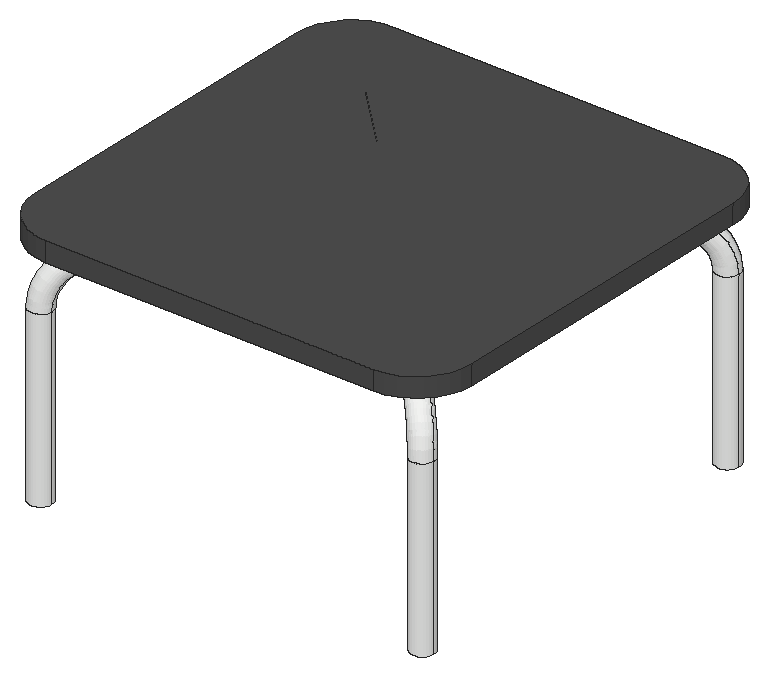
Revit family "Table-Teknion-CQTSS_Routes_Square_Side_Table-R2018", category Furniture, Revit 2018
Family settings
  OmniClass Number = 23.40.20.00
  OmniClass Title = General Furniture and Specialties
  Work Plane-Based = No
  Always vertical = Yes
  Cut with Voids When Loaded = No
  Shared = Yes
  Room Calculation Point = No
Parameters (values of type "24" d x 24" w")
  Warranty = "http://www.teknion.com/ca/papers/legal-canada"
  Unit Weight URL = "http://www.teknion.com/ca/tools/assets#&asset=bee6a381-b954-425e-8283-5a2de3a804f2,f828d448-4b62-4231-9e5f-9a8991c0ed77"
  URL = "www.teknion.com"
  To render please download texture images found here [instance] = "https://assets.teknion.com/web/5e81352c1dfdb467/revit-material-swatches/"
  Sustainability Data = "https://www.teknion.com/ca/tools/assets#&topic=216f99a5-57a0-44fc-b10a-9dee9b29ae4c&asset=444deb64-fe58-4b68-981e-f75e97781df7,b4ff2d81-9f2e-437d-9659-7cffb09c31cf"
  Surface Finish [instance] = Foundation Laminate-Teknion-6K-Matte-Black
  Series = "Routes"  # constant formula
  Product Page URL = "https://www.teknion.com/ca/products/all-products"
  Product Line = "Routes"  # constant formula
  Product Documentation Link = "https://assets.teknion.com/m/72af4764f50e983c/original/Routes-Reference-Guide.pdf"
  Part Number = "CQTSS"  # constant formula
  Model = "CQTSS2424"
  Manufacturer Phone = "416-661-3370"  # constant formula
  Manufacturer Fax = "416.661.4586"  # constant formula
  Manufacturer Contact Information = "http://www.teknion.com/ca/contactus"
  Manufacturer Address = "1150 Flint Road, Toronto, ON. M3J 2J5. Canada"  # constant formula
  Manufacturer = "Teknion"  # constant formula
  How To Use Teknion Materials User Guide [instance] = "https://assets.teknion.com/m/205dd0a49fa58060/original/How-to-add-a-Material-Library-and-Texture-Images-to-your-Revit-project.pdf"
  Frame Finish [instance] = Paint - Teknion - Mica - Very White
  For Additional Finishes please visit [instance] = "https://assets.teknion.com/m/44a8009b046e5d47/original/Teknion_Materials_Library.zip"
  Description = "Routes, Square Side Table, 24\" Depth, 24\" Width"
  Assembly Code = "E2020200"
Reference planes (in)
  plane 1 "Center Front/Back": y = 0.04398
  plane 2: z = 0
  plane 3 "Center Left/Right": x = 0.17362
  plane 4 "Left": x = -11.82638
  plane 5 "Right": x = 12.17362
  plane 6 "Back": y = 12.04398
  plane 7 "Front": y = -11.95602
  plane 8 "Top": z = 13.935
Forms (in)
  Sweep 1, solid, material "Foundation Laminate-Teknion-6K-Matte-Black" <- "Surface Finish"
    path origin (0, 0, 0) x (1, 0, 0) y (0, 0, 1)
      loop
        line (0, 12.875) -> (0, 13.935)
    profile origin (0, 0, 13.405) x (-1, 0, 0) y (0, -1, 0)
      loop
        arc (8.82638, -12.04398) -> (10.9477, -11.1653) -> (11.82638, -9.04398) r 3
        line (11.82638, -9.04398) -> (11.82638, 8.95602)
        arc (11.82638, 8.95602) -> (10.9477, 11.07734) -> (8.82638, 11.95602) r 3
        line (8.82638, 11.95602) -> (-9.17362, 11.95602)
        arc (-9.17362, 11.95602) -> (-11.29494, 11.07734) -> (-12.17362, 8.95602) r 3
        line (-12.17362, 8.95602) -> (-12.17362, -9.04398)
        arc (-12.17362, -9.04398) -> (-11.29494, -11.1653) -> (-9.17362, -12.04398) r 3
        line (-9.17362, -12.04398) -> (8.82638, -12.04398)
  Sweep 2, solid, material "Paint - Teknion - Mica - Very White" <- "Frame Finish"
    path in 3D
      loop
        arc (-8.56093, -8.69057, 12.56) -> (-10.09093, -10.22057, 11.66375) -> (-10.72467, -10.85432, 9.5) r 3.06
        line (-10.72467, -10.85432, 9.5) -> (-10.72467, -10.85432, 0)
    profile origin (-10.72467, -10.85432, 4.75) x (0.534059, 0.845447, 0) y (-0.845447, 0.534059, 0)
      loop
        circle (0.54367, -0.12367) r 0.63078
  Sweep 3, solid, material "Paint - Teknion - Mica - Very White" <- "Frame Finish"
    path in 3D
      loop
        line (-8.56093, -8.69057, 11.375) -> (-1.59414, -1.72379, 11.375)
    profile origin (-5.07753, -5.20718, 11.375) x (0.699621, -0.699621, 0.145127) y (0.10262, -0.10262, -0.989413)
      loop
        circle (0.09198, -0.62066) r 0.63078
  Sweep 4, solid, material "Paint - Teknion - Mica - Very White" <- "Frame Finish"
    path in 3D
      loop
        arc (-1.1522, -2.16573, 12) -> (-0.23691, 0.04398, 12) -> (-1.1522, 2.25368, 12) r 3.125
        line (-1.1522, 2.25368, 12) -> (-2.21286, 3.31434, 12)
    profile origin (-1.68253, 2.78401, 12) x (0, 0, 1) y (0.707107, 0.707107, 0)
      loop
        circle (0, -0.62762) r 0.62481
  Sweep 5, solid, material "Paint - Teknion - Mica - Very White" <- "Frame Finish"
    path in 3D
      loop
        line (-8.56093, 8.77852, 11.375) -> (-2.65517, 2.87277, 11.375)
    profile origin (-5.60805, 5.82565, 11.375) x (-0.686606, -0.686606, -0.239047) y (0.169032, 0.169032, -0.971008)
      loop
        circle (-0.14686, -0.60751) r 0.62481
  Sweep 6, solid, material "Paint - Teknion - Mica - Very White" <- "Frame Finish"
    path in 3D
      loop
        arc (-8.95632, 8.38313, 11.98049) -> (-10.19656, 9.62338, 11.25397) -> (-10.71029, 10.13711, 9.5) r 2.48049
        line (-10.71029, 10.13711, 9.5) -> (-10.71029, 10.13711, 0)
    profile origin (-10.71029, 10.13711, 4.75) x (0.987279, 0.158997, 0) y (-0.158997, 0.987279, 0)
      loop
        circle (0.44057, 0.34234) r 0.63078
  Sweep 7, solid, material "Paint - Teknion - Mica - Very White" <- "Frame Finish"
    path in 3D
      loop
        arc (8.90201, -8.69057, 12.56) -> (10.43201, -10.22057, 11.66375) -> (11.06576, -10.85432, 9.5) r 3.06
        line (11.06576, -10.85432, 9.5) -> (11.06576, -10.85432, 0)
    profile origin (11.06576, -10.85432, 4.75) x (-0.534059, 0.845447, 0) y (-0.845447, -0.534059, 0)
      loop
        circle (0.54367, 0.12367) r 0.63078
  Sweep 8, solid, material "Paint - Teknion - Mica - Very White" <- "Frame Finish"
    path in 3D
      loop
        line (8.90201, -8.69057, 11.375) -> (1.93523, -1.72379, 11.375)
    profile origin (5.41862, -5.20718, 11.375) x (0.699621, 0.699621, -0.145127) y (-0.10262, -0.10262, -0.989413)
      loop
        circle (-0.09198, -0.62066) r 0.63078
  Sweep 9, solid, material "Paint - Teknion - Mica - Very White" <- "Frame Finish"
    path in 3D
      loop
        arc (1.49329, -2.16573, 12) -> (0.578, 0.04398, 12) -> (1.49329, 2.25368, 12) r 3.125
        line (1.49329, 2.25368, 12) -> (2.55395, 3.31434, 12)
    profile origin (2.02362, 2.78401, 12) x (0, 0, -1) y (-0.707107, 0.707107, 0)
      loop
        circle (0, -0.62762) r 0.62481
  Sweep 10, solid, material "Paint - Teknion - Mica - Very White" <- "Frame Finish"
    path in 3D
      loop
        line (8.90201, 8.77852, 11.375) -> (2.99626, 2.87277, 11.375)
    profile origin (5.94914, 5.82565, 11.375) x (-0.686606, 0.686606, 0.239047) y (-0.169032, 0.169032, -0.971008)
      loop
        circle (0.14686, -0.60751) r 0.62481
  Sweep 11, solid, material "Paint - Teknion - Mica - Very White" <- "Frame Finish"
    path in 3D
      loop
        arc (9.29741, 8.38313, 11.98049) -> (10.53765, 9.62338, 11.25397) -> (11.05138, 10.13711, 9.5) r 2.48049
        line (11.05138, 10.13711, 9.5) -> (11.05138, 10.13711, 0)
    profile origin (11.05138, 10.13711, 4.75) x (-0.987279, 0.158997, 0) y (-0.158997, -0.987279, 0)
      loop
        circle (0.44057, -0.34234) r 0.63078
  Sweep 12, solid, material "Paint - Teknion - Mica - Very White" <- "Frame Finish"
    path origin (0, 0, 0) x (1, 0, 0) y (0, 0, 1)
      loop
        line (0, 12.875) -> (0, 12.4702)
    profile origin (0, 0, 12.6726) x (0, -1, 0) y (1, 0, 0)
      loop
        line (-5.76236, -6.25187) -> (-6.46947, -5.54476) -> (-8.25915, -7.33445) -> (-7.55205, -8.04156) -> (-5.76236, -6.25187)
      loop
        line (-3.10364, -3.59315) -> (-1.93267, -2.42218) -> (-2.63978, -1.71507) -> (-3.81075, -2.88604) -> (-3.10364, -3.59315)
      loop
        line (2.55183, -1.71507) -> (1.84472, -2.42218) -> (3.01569, -3.59315) -> (3.72279, -2.88604) -> (2.55183, -1.71507)
      loop
        line (7.4641, -8.04156) -> (8.1712, -7.33445) -> (6.38152, -5.54476) -> (5.67441, -6.25187) -> (7.4641, -8.04156)
      loop
        line (-5.76236, 6.59911) -> (-7.55205, 8.3888) -> (-8.25915, 7.68169) -> (-6.46947, 5.89201) -> (-5.76236, 6.59911)
      loop
        line (-3.10364, 3.94039) -> (-3.81075, 3.23329) -> (-2.63978, 2.06232) -> (-1.93267, 2.76942) -> (-3.10364, 3.94039)
      loop
        line (2.55183, 2.06232) -> (3.72279, 3.23329) -> (3.01569, 3.94039) -> (1.84472, 2.76942) -> (2.55183, 2.06232)
      loop
        line (7.4641, 8.3888) -> (5.67441, 6.59911) -> (6.38152, 5.89201) -> (8.1712, 7.68169) -> (7.4641, 8.3888)
Lines and regions (in)
  Masking region 1
    outline origin (0, 0, 0) x (1, 0, 0) y (0, 1, 0)
      loop
        line (-11.82638, 9.04398) -> (-11.82638, -8.95602)
        arc (-11.82638, -8.95602) -> (-10.9477, -11.07734) -> (-8.82638, -11.95602) r 3
        line (-8.82638, -11.95602) -> (9.17362, -11.95602)
        arc (9.17362, -11.95602) -> (11.29494, -11.07734) -> (12.17362, -8.95602) r 3
        line (12.17362, -8.95602) -> (12.17362, 9.04398)
        arc (12.17362, 9.04398) -> (11.29494, 11.1653) -> (9.17362, 12.04398) r 3
        line (9.17362, 12.04398) -> (-8.82638, 12.04398)
        arc (-8.82638, 12.04398) -> (-10.9477, 11.1653) -> (-11.82638, 9.04398) r 3
  sketch lines
    curve 1: line (-10.72467, -10.85432, 9.5) -> (-10.72467, -10.85432, 0)
    curve 2: arc (-8.56093, -8.69057, 12.56) -> (-10.09093, -10.22057, 11.66375) -> (-10.72467, -10.85432, 9.5) r 3.06
    curve 3: line (-8.56093, -8.69057, 11.375) -> (-1.59414, -1.72379, 11.375)
    curve 4: line (-1.1522, 2.25368, 12) -> (-2.21286, 3.31434, 12)
    curve 5: arc (-1.1522, 2.25368, 12) -> (-0.23691, 0.04398, 12) -> (-1.1522, -2.16573, 12) r 3.125
    curve 6: line (-8.56093, 8.77852, 11.375) -> (-2.65517, 2.87277, 11.375)
    curve 7: line (-10.71029, 10.13711, 9.5) -> (-10.71029, 10.13711, 0)
    curve 8: arc (-8.95632, 8.38313, 11.98049) -> (-10.19656, 9.62338, 11.25397) -> (-10.71029, 10.13711, 9.5) r 2.48049
    curve 9: line (11.06576, -10.85432, 9.5) -> (11.06576, -10.85432, 0)
    curve 10: arc (8.90201, -8.69057, 12.56) -> (10.43201, -10.22057, 11.66375) -> (11.06576, -10.85432, 9.5) r 3.06
    curve 11: line (8.90201, -8.69057, 11.375) -> (1.93523, -1.72379, 11.375)
    curve 12: line (1.49329, 2.25368, 12) -> (2.55395, 3.31434, 12)
    curve 13: arc (1.49329, 2.25368, 12) -> (0.578, 0.04398, 12) -> (1.49329, -2.16573, 12) r 3.125
    curve 14: line (8.90201, 8.77852, 11.375) -> (2.99626, 2.87277, 11.375)
    curve 15: line (11.05138, 10.13711, 9.5) -> (11.05138, 10.13711, 0)
    curve 16: arc (9.29741, 8.38313, 11.98049) -> (10.53765, 9.62338, 11.25397) -> (11.05138, 10.13711, 9.5) r 2.48049
  symbolic lines, style "FurnitureHiddenLines", detail levels medium+fine
    curve 17: line (-9.86924, 10.98822, 0) -> (-1.20132, 2.3203, 0)
    curve 18: line (-10.76698, 10.09048, 0) -> (-2.10492, 1.42842, 0)
    curve 19: arc (-10.76698, 10.09048, 0) -> (-10.76698, 10.98822, 0) -> (-9.86924, 10.98822, 0) r 0.6348
    curve 20: arc (-1.20132, 2.3203, 0) -> (-0.26023, 0.07305, 0) -> (-1.16626, -2.18855, 0) r 3.21342
    curve 21: arc (-2.10492, 1.42842, 0) -> (-1.52996, 0.08756, 0) -> (-2.0378, -1.28013, 0) r 1.96511
    curve 22: line (-2.0378, -1.28013, 0) -> (-10.73504, -9.97738, 0)
    curve 23: line (-9.84506, -10.86735, 0) -> (-1.16626, -2.18855, 0)
    curve 24: arc (-10.73504, -9.97738, 0) -> (-10.77475, -10.90706, 0) -> (-9.84506, -10.86735, 0) r 0.63161
    curve 25: line (10.23237, 10.98822, 0) -> (1.56445, 2.3203, 0)
    curve 26: line (11.13011, 10.09048, 0) -> (2.46805, 1.42842, 0)
    curve 27: arc (11.13011, 10.09048, 0) -> (11.13011, 10.98822, 0) -> (10.23237, 10.98822, 0) r 0.6348
    curve 28: arc (1.56445, 2.3203, 0) -> (0.62336, 0.07305, 0) -> (1.52939, -2.18855, 0) r 3.21342
    curve 29: arc (2.46805, 1.42842, 0) -> (1.89309, 0.08756, 0) -> (2.40093, -1.28013, 0) r 1.96511
    curve 30: line (2.40093, -1.28013, 0) -> (11.09817, -9.97738, 0)
    curve 31: line (10.2082, -10.86735, 0) -> (1.52939, -2.18855, 0)
    curve 32: arc (11.09817, -9.97738, 0) -> (11.13788, -10.90706, 0) -> (10.2082, -10.86735, 0) r 0.63161
  symbolic lines, style "FurnitureHiddenLines", detail levels fine
    curve 33: line (-7.33445, 8.25915, 0) -> (-8.04156, 7.55205, 0)
    curve 34: line (-5.54476, 6.46947, 0) -> (-7.33445, 8.25915, 0)
    curve 35: line (-8.04156, 7.55205, 0) -> (-6.25187, 5.76236, 0)
    curve 36: line (-6.25187, 5.76236, 0) -> (-5.54476, 6.46947, 0)
    curve 37: line (-2.88604, 3.81075, 0) -> (-3.59315, 3.10364, 0)
    curve 38: line (-2.42218, 1.93267, 0) -> (-1.71507, 2.63978, 0)
    curve 39: line (-3.59315, 3.10364, 0) -> (-2.42218, 1.93267, 0)
    curve 40: line (-1.71507, 2.63978, 0) -> (-2.88604, 3.81075, 0)
    curve 41: line (-3.59315, -3.01569, 0) -> (-2.88604, -3.72279, 0)
    curve 42: line (-1.71507, -2.55183, 0) -> (-2.42218, -1.84472, 0)
    curve 43: line (-2.88604, -3.72279, 0) -> (-1.71507, -2.55183, 0)
    curve 44: line (-6.25187, -5.67441, 0) -> (-8.04156, -7.4641, 0)
    curve 45: line (-5.54476, -6.38152, 0) -> (-6.25187, -5.67441, 0)
    curve 46: line (-7.33445, -8.1712, 0) -> (-5.54476, -6.38152, 0)
    curve 47: line (-8.04156, -7.4641, 0) -> (-7.33445, -8.1712, 0)
    curve 48: line (6.59911, -5.67441, 0) -> (5.89201, -6.38152, 0)
    curve 49: line (8.3888, -7.4641, 0) -> (6.59911, -5.67441, 0)
    curve 50: line (5.89201, -6.38152, 0) -> (7.68169, -8.1712, 0)
    curve 51: line (7.68169, -8.1712, 0) -> (8.3888, -7.4641, 0)
    curve 52: line (2.76942, -1.84472, 0) -> (2.06232, -2.55183, 0)
    curve 53: line (2.06232, -2.55183, 0) -> (3.23329, -3.72279, 0)
    curve 54: line (3.23329, -3.72279, 0) -> (3.94039, -3.01569, 0)
    curve 55: line (3.94039, -3.01569, 0) -> (2.76942, -1.84472, 0)
    curve 56: line (3.94039, 3.10364, 0) -> (3.23329, 3.81075, 0)
    curve 57: line (3.23329, 3.81075, 0) -> (2.06232, 2.63978, 0)
    curve 58: line (2.06232, 2.63978, 0) -> (2.76942, 1.93267, 0)
    curve 59: line (2.76942, 1.93267, 0) -> (3.94039, 3.10364, 0)
    curve 60: line (8.3888, 7.55205, 0) -> (7.68169, 8.25915, 0)
    curve 61: line (7.68169, 8.25915, 0) -> (5.89201, 6.46947, 0)
    curve 62: line (6.59911, 5.76236, 0) -> (8.3888, 7.55205, 0)
    curve 63: line (5.89201, 6.46947, 0) -> (6.59911, 5.76236, 0)
    curve 64: line (-2.42218, -1.84472, 0) -> (-3.59315, -3.01569, 0)
    curve 65: arc (-9.69898, 10.54514, 0) -> (-10.32976, 9.91436, 0) -> (-10.96053, 10.54514, 0) r 0.63078
    curve 66: arc (-10.96053, 10.54514, 0) -> (-10.32976, 11.17591, 0) -> (-9.69898, 10.54514, 0) r 0.63078
    curve 67: arc (10.04623, 10.54514, 0) -> (10.677, 9.91436, 0) -> (11.30778, 10.54514, 0) r 0.63078
    curve 68: arc (11.30778, 10.54514, 0) -> (10.677, 11.17591, 0) -> (10.04623, 10.54514, 0) r 0.63078
    curve 69: arc (10.04623, -10.45719, 0) -> (10.677, -9.82641, 0) -> (11.30778, -10.45719, 0) r 0.63078
    curve 70: arc (11.30778, -10.45719, 0) -> (10.677, -11.08796, 0) -> (10.04623, -10.45719, 0) r 0.63078
    curve 71: arc (-9.69898, -10.45719, 0) -> (-10.32976, -9.82641, 0) -> (-10.96053, -10.45719, 0) r 0.63078
    curve 72: arc (-10.96053, -10.45719, 0) -> (-10.32976, -11.08796, 0) -> (-9.69898, -10.45719, 0) r 0.63078
Dimensions and locks (in)
  plane 4 "Left" to plane 5 "Right" = 24.000"
  plane 6 "Back" to plane 7 "Front" = 24.000"
  locked: plane 8 "Top" to level at 13.935
  equal spacing: plane 7 "Front", plane 1 "Center Front/Back", plane 6 "Back"
  equal spacing: plane 4 "Left", plane 3 "Center Left/Right", plane 5 "Right"
  aligned and locked: level to plane 2
Automatic sketch dimensions
  Sweep 1 sketch curve to plane 8 "Top" = 0.000"
  Sweep 1 sketch curve to plane 3 "Center Left/Right" = 0.17362"
  Sweep 1 sketch curve to Sweep 1 sketch curve = 1.060"
  profile plane to Sweep 1 sketch curve = 12.17362"
  Sweep 1 sketch curve to Sweep 1 sketch curve = 3.000"  (x3)
  Sweep 1 sketch curve to profile plane = 8.82638"  (x2)
  Sweep 1 sketch curve to profile plane = 12.04398"
  profile plane to Sweep 1 sketch curve = 8.95602"
  profile plane to Sweep 2 sketch curve = 0.12367"
  profile plane to Sweep 2 sketch curve = 0.54367"
  Sweep 3 sketch curve to Sweep 3 sketch curve = 0.000"  (x2)
  Sweep 3 sketch curve to profile plane = 0.09198"
  Sweep 3 sketch curve to profile plane = 0.62066"
  profile plane to Sweep 3 sketch curve = 0.2846"
  Sweep 3 sketch curve to profile plane = 0.11463"
  Sweep 3 sketch curve to profile plane = 0.46855"
  Sweep 4 sketch curve to profile plane = 0.000"
  Sweep 4 sketch curve to profile plane = 0.62762"
  Sweep 5 sketch curve to Sweep 5 sketch curve = 0.000"  (x2)
  profile plane to Sweep 5 sketch curve = 0.14686"
  Sweep 5 sketch curve to profile plane = 0.60751"
  profile plane to Sweep 5 sketch curve = 0.29622"
  Sweep 5 sketch curve to profile plane = 0.00081"
  Sweep 5 sketch curve to profile plane = 0.0025"
  Sweep 6 sketch curve to Sweep 6 sketch curve = 0.000"  (x2)
  profile plane to Sweep 6 sketch curve = 0.44057"
  Sweep 6 sketch curve to profile plane = 0.34234"
  Sweep 6 sketch curve to profile plane = 0.18219"
  Sweep 6 sketch curve to profile plane = 0.24204"
  Sweep 6 sketch curve to Sweep 6 sketch curve = 0.62275"
  Sweep 7 sketch curve to profile plane = 0.12367"
  profile plane to Sweep 7 sketch curve = 0.54367"
  Sweep 8 sketch curve to Sweep 8 sketch curve = 0.000"  (x2)
  profile plane to Sweep 8 sketch curve = 0.09198"
  Sweep 8 sketch curve to profile plane = 0.62066"
  Sweep 8 sketch curve to profile plane = 0.11463"
  profile plane to Sweep 8 sketch curve = 0.46855"
  Sweep 8 sketch curve to profile plane = 0.2846"
  profile plane to Sweep 9 sketch curve = 0.000"
  Sweep 9 sketch curve to profile plane = 0.62762"
  Sweep 10 sketch curve to Sweep 10 sketch curve = 0.000"  (x2)
  Sweep 10 sketch curve to profile plane = 0.14686"
  Sweep 10 sketch curve to profile plane = 0.60751"
  Sweep 10 sketch curve to profile plane = 0.00081"
  profile plane to Sweep 10 sketch curve = 0.0025"
  Sweep 10 sketch curve to profile plane = 0.29622"
  Sweep 11 sketch curve to Sweep 11 sketch curve = 0.000"  (x2)
  profile plane to Sweep 11 sketch curve = 0.44057"
  profile plane to Sweep 11 sketch curve = 0.34234"
  Sweep 11 sketch curve to profile plane = 0.18219"
  profile plane to Sweep 11 sketch curve = 0.24204"
  Sweep 11 sketch curve to Sweep 11 sketch curve = 0.62275"
  Sweep 12 sketch curve to plane 3 "Center Left/Right" = 0.17362"
  Sweep 12 sketch curve to plane 8 "Top" = 1.4648"
  Sweep 12 sketch curve to Sweep 12 sketch curve = 0.4048"
  Sweep 12 sketch curve to profile plane = 8.25915"  (x2)
  Sweep 12 sketch curve to Sweep 12 sketch curve = 0.70711"  (x16)
  Sweep 12 sketch curve to Sweep 12 sketch curve = 1.78969"  (x4)
  Sweep 12 sketch curve to Sweep 12 sketch curve = 2.65872"  (x8)
  Sweep 12 sketch curve to Sweep 12 sketch curve = 1.17097"  (x4)
  profile plane to Sweep 12 sketch curve = 1.84472"  (x2)
  profile plane to Sweep 12 sketch curve = 1.71507"  (x2)
  Sweep 12 sketch curve to profile plane = 2.06232"  (x2)
  Masking region 1 sketch curve to plane 4 "Left" = 0.000"
  Masking region 1 sketch curve to plane 6 "Back" = 0.000"
  plane 7 "Front" to Masking region 1 sketch curve = 0.000"
  Masking region 1 sketch curve to plane 5 "Right" = 0.000"
  plane 4 "Left" to Masking region 1 sketch curve = 3.000"  (x2)
  plane 5 "Right" to Masking region 1 sketch curve = 3.000"
  Masking region 1 sketch curve to Masking region 1 sketch curve = 3.000"
  curve 65 to curve 66 = 0.000"  (x2)
  curve 67 to curve 68 = 0.000"  (x2)
  curve 69 to curve 70 = 0.000"  (x2)
  curve 71 to curve 72 = 0.000"  (x2)
  plane 4 "Left" to curve 18 = 1.0594"
  plane 4 "Left" to curve 22 = 1.09133"
  curve 24 to curve 71 = 0.40528"
  curve 18 to curve 66 = 0.43722"
  curve 71 to curve 24 = 0.00163"
  curve 65 to curve 19 = 0.01165"
  curve 17 to plane 6 "Back" = 1.05576"
  curve 19 to curve 17 = 0.44887"
  curve 23 to plane 7 "Front" = 1.08867"
  curve 24 to curve 23 = 0.48307"
  curve 22 to curve 44 = 2.69349"
  curve 18 to curve 35 = 2.72543"
  curve 33 to curve 33 = 0.70711"
  curve 44 to curve 47 = 0.70711"
  curve 33 to curve 36 = 1.78969"
  curve 44 to curve 44 = 1.78969"
  curve 44 to curve 64 = 2.65872"
  curve 35 to curve 39 = 2.65872"
  plane 1 "Center Front/Back" to curve 21 = 0.0051"
  curve 41 to curve 21 = 0.09868"
  curve 20 to plane 1 "Center Front/Back" = 0.00409"
  curve 21 to curve 20 = 0.02091"
  curve 37 to curve 40 = 0.70711"
  curve 41 to curve 41 = 0.70711"
  curve 41 to curve 64 = 1.17097"
  curve 37 to curve 38 = 1.17097"
  curve 38 to curve 18 = 0.31726"
  curve 42 to curve 22 = 0.38438"
  curve 38 to curve 17 = 0.51375"
  curve 42 to curve 23 = 0.54881"
  plane 3 "Center Left/Right" to curve 31 = 1.35577"
  plane 3 "Center Left/Right" to curve 25 = 1.39083"
  curve 28 to curve 58 = 0.49786"
  curve 31 to curve 53 = 0.53292"
  curve 28 to curve 30 = 0.87154"
  curve 26 to plane 1 "Center Front/Back" = 1.38444"
  curve 25 to curve 26 = 0.9036"
  curve 26 to curve 58 = 0.30137"
  curve 29 to curve 52 = 0.36849"
  curve 52 to curve 53 = 1.17097"
  curve 57 to curve 57 = 1.17097"
  curve 28 to plane 1 "Center Front/Back" = 0.00409"
  curve 29 to curve 28 = 1.36863"
  plane 1 "Center Front/Back" to curve 29 = 0.0051"
  curve 28 to curve 29 = 0.02091"
  curve 53 to curve 50 = 2.65872"
  curve 56 to curve 63 = 2.65872"  (x2)
  curve 61 to curve 62 = 0.70711"
  curve 48 to curve 48 = 0.70711"
  curve 48 to curve 51 = 1.78969"
  curve 61 to curve 60 = 1.78969"
  plane 5 "Right" to curve 31 = 1.96543"
  plane 5 "Right" to curve 25 = 1.94125"
  curve 31 to curve 70 = 0.46881"
  curve 25 to curve 68 = 0.44463"
  curve 67 to curve 27 = 0.00424"
  curve 69 to curve 32 = 0.01426"
  curve 32 to curve 30 = 0.40691"
  curve 27 to curve 26 = 0.44887"
  curve 31 to plane 7 "Front" = 1.08867"
  curve 31 to curve 32 = 0.40691"
  curve 24 to curve 24 = 0.40691"
  curve 24 to curve 71 = 0.00326"
  curve 32 to curve 69 = 0.00326"
  curve 71 to curve 47 = 2.28598"
  curve 69 to curve 50 = 2.28598"
  curve 50 to curve 49 = 0.70711"
  curve 46 to curve 44 = 0.70711"
  curve 53 to curve 29 = 2.44266"
  curve 45 to curve 41 = 2.65872"
  curve 53 to curve 54 = 0.70711"
  curve 41 to curve 64 = 0.70711"
  curve 42 to curve 23 = 0.36327"
  curve 52 to curve 31 = 0.36327"
  curve 42 to curve 22 = 0.56458"
  curve 26 to curve 58 = 0.50425"
  curve 18 to curve 38 = 0.50425"
  curve 28 to curve 58 = 0.31948"
  curve 17 to curve 38 = 0.31948"
  curve 37 to curve 36 = 2.65872"
  curve 35 to curve 36 = 0.70711"
  curve 62 to curve 63 = 0.70711"
  curve 18 to curve 19 = 0.89774"
  curve 26 to plane 6 "Back" = 1.9535"
  curve 26 to curve 27 = 0.44887"
  curve 27 to curve 68 = 0.00579"
  curve 19 to curve 65 = 0.00579"
  curve 66 to curve 18 = 0.19355"
  curve 71 to curve 24 = 0.22549"
  curve 70 to curve 31 = 0.16197"
  curve 68 to curve 25 = 0.18614"
  radius of Sweep 2 sketch curve = 0.63078"
  radius of Sweep 4 sketch curve = 0.62481"
  radius of Sweep 7 sketch curve = 0.63078"
  radius of Sweep 9 sketch curve = 0.62481"
